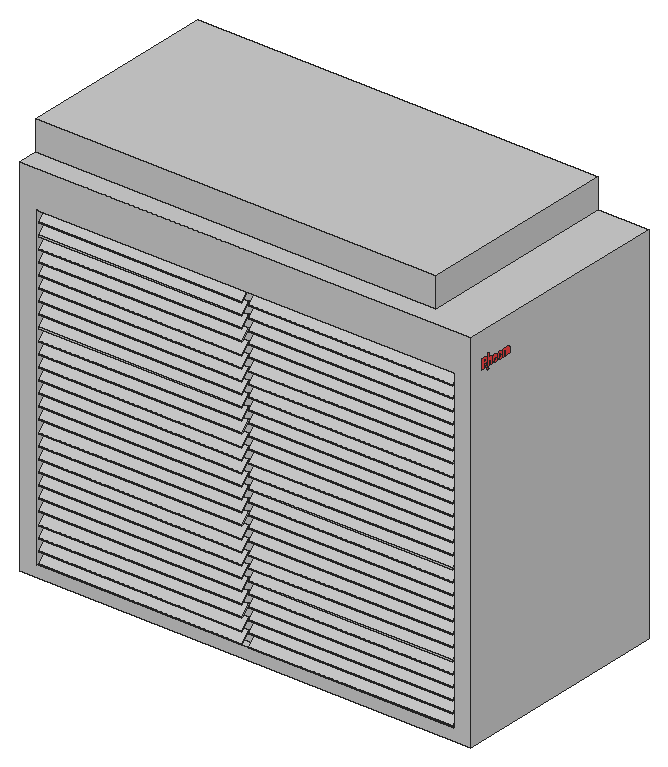
Revit family "DC_Rheem_PLM_HeatPump_952022_Vertical_12", category Plumbing Fixtures, Revit 2011
Parameters (values of type "Commerical Heat Pump - Ducted")
  Unitheight_ANZRS = 935 mm
  UnitWidth_ANZRS = 565 mm
  UnitDepth_ANZRS [instance] = 1150 mm
  URL = "http://www.rheem.com.au/commercial_product.asp?ProdID=96&cat_id=2\r\n"
  Type Comments = "Output 16 KW @ 20oC/60% RH Recovery 300 L/h  @ 45°C  rise\r\n"
  Materials_ANZRS = Rheem - Joey Grey Steel
  OutletPipeDiameter_ANZRS = OutPipeRadius_ANZRS * 2  # 32 mm
  OutPipeRadius_ANZRS = 16 mm
  Model = "952022\r\n"
  Manufacturer = "Rheem\r\n"
  InletPipeDiameter_ANZRS = InPipeRadius_ANZRS * 2  # 32 mm
  InPipeRadius_ANZRS = 16 mm
  DesignBy_ANZRS = "Design Content ©\r\n"
  Description = "Commerical Heat Pump - Ducted \r\n"
  CondensateDrainPipeDiameter_ANZRS = CDPipeRadius_ANZRS * 2  # 20 mm
  CDPipeRadius_ANZRS = 10 mm
  Author_ANZRS = "DM"
  Assembly Code = ""
Reference planes
  plane 1 "Center (Front/Back)": y = 0
  plane 2: z = 0
  plane 3 "Center (Left/Right)": x = 0
  plane 4 "W1": y = 282.5
  plane 5 "W2": y = -282.5
  plane 6 "W4": x = -575
  plane 7 "W3": x = 575
  plane 8 "CENTER 1": x = -320
  plane 9 "CENTER 2": x = 180
  plane 10: z = 25
  plane 11 "HEIGHT": z = 960
  plane 12 "W11": y = 212.65
  plane 13 "W13": y = 147.65
  plane 14 "W15": y = -212.65
  plane 15 "W14": y = -147.65
  plane 16 "CD1": z = 225
  plane 17 "CD2": z = 555
  plane 18 "CENTER 3": y = -167.65
  plane 19 "w5": x = -545
  plane 20 "W7": x = 545
  plane 21 "H1": z = 53.419
  plane 22 "CENTER 5": y = 180.15
  plane 23 "CENTER 4": y = -180.15
  plane 24: y = -260.438
  plane 25 "W6": x = -527.091
  plane 26 "W9": x = 527.091
  plane 27 "W8": x = 532.091
  plane 28: x = -625
  plane 29: y = 174.5
  plane 30 "Fans": z = 1035
Forms (mm)
  Extrusion 1, solid, material "Rheem - Joey Grey Steel" <- "Materials_ANZRS"
    sketch origin (0, 0, 0) x (1, 0, 0) y (0, 1, 0)
      loop
        line (-575, 282.5) -> (-575, -260.438) -> (575, -260.438) -> (575, 282.5) -> (-575, 282.5)
    from 25 to 960
  Extrusion 2, solid, material "Rheem - Joey Grey Steel" <- "Materials_ANZRS"
    sketch origin (0, 0, 0) x (0, 1, 0) y (0, 0, 1)
      loop
        circle (-167.65, 555) r 16
      loop
        circle (-167.65, 225) r 16
    from -575 to -625
  Extrusion 3, solid, material "Rheem - Joey Grey Steel" <- "Materials_ANZRS"
    sketch origin (0, 0, 0) x (0, 1, 0) y (0, 0, 1)
      loop
        line (212.65, 0) -> (212.65, 25) -> (147.65, 25) -> (147.65, 0) -> (212.65, 0)
      loop
        line (-147.65, 0) -> (-147.65, 25) -> (-212.65, 25) -> (-212.65, 0) -> (-147.65, 0)
    from -545 to 545
  Extrusion 4, solid, material "Rheem - Joey Grey Steel" <- "Materials_ANZRS"
    sketch origin (0, 0, 0) x (0, 1, 0) y (0, 0, 1)
      loop
        circle (180.15, 53.419) r 10
      loop
        circle (-180.15, 53.419) r 10
    from -575 to -625
  Extrusion 5, solid, material "Rheem - Joey Grey Steel" <- "Materials_ANZRS"
    sketch origin (0, 0, 0) x (0, 1, 0) y (0, 0, 1)
      loop
        line (-260.438, 860.039) -> (-282.5, 837.978) -> (-282.5, 835.579) -> (-260.438, 857.64) -> (-260.438, 860.039)
      loop
        line (-260.438, 830.039) -> (-282.5, 807.978) -> (-282.5, 805.579) -> (-260.438, 827.64) -> (-260.438, 830.039)
      loop
        line (-260.438, 800.039) -> (-282.5, 777.978) -> (-282.5, 775.579) -> (-260.438, 797.64) -> (-260.438, 800.039)
      loop
        line (-260.438, 770.039) -> (-282.5, 747.978) -> (-282.5, 745.579) -> (-260.438, 767.64) -> (-260.438, 770.039)
      loop
        line (-260.438, 740.039) -> (-282.5, 717.978) -> (-282.5, 715.579) -> (-260.438, 737.64) -> (-260.438, 740.039)
      loop
        line (-260.438, 710.039) -> (-282.5, 687.978) -> (-282.5, 685.579) -> (-260.438, 707.64) -> (-260.438, 710.039)
      loop
        line (-260.438, 680.039) -> (-282.5, 657.978) -> (-282.5, 655.579) -> (-260.438, 677.64) -> (-260.438, 680.039)
      loop
        line (-260.438, 650.039) -> (-282.5, 627.978) -> (-282.5, 625.579) -> (-260.438, 647.64) -> (-260.438, 650.039)
      loop
        line (-260.438, 620.039) -> (-282.5, 597.978) -> (-282.5, 595.579) -> (-260.438, 617.64) -> (-260.438, 620.039)
      loop
        line (-260.438, 590.039) -> (-282.5, 567.978) -> (-282.5, 565.579) -> (-260.438, 587.64) -> (-260.438, 590.039)
      loop
        line (-260.438, 560.039) -> (-282.5, 537.978) -> (-282.5, 535.579) -> (-260.438, 557.64) -> (-260.438, 560.039)
      loop
        line (-260.438, 530.039) -> (-282.5, 507.978) -> (-282.5, 505.579) -> (-260.438, 527.64) -> (-260.438, 530.039)
      loop
        line (-260.438, 500.039) -> (-282.5, 477.978) -> (-282.5, 475.579) -> (-260.438, 497.64) -> (-260.438, 500.039)
      loop
        line (-260.438, 470.039) -> (-282.5, 447.978) -> (-282.5, 445.579) -> (-260.438, 467.64) -> (-260.438, 470.039)
      loop
        line (-260.438, 440.039) -> (-282.5, 417.978) -> (-282.5, 415.579) -> (-260.438, 437.64) -> (-260.438, 440.039)
      loop
        line (-260.438, 410.039) -> (-282.5, 387.978) -> (-282.5, 385.579) -> (-260.438, 407.64) -> (-260.438, 410.039)
      loop
        line (-260.438, 380.039) -> (-282.5, 357.978) -> (-282.5, 355.579) -> (-260.438, 377.64) -> (-260.438, 380.039)
      loop
        line (-260.438, 350.039) -> (-282.5, 327.978) -> (-282.5, 325.579) -> (-260.438, 347.64) -> (-260.438, 350.039)
      loop
        line (-260.438, 320.039) -> (-282.5, 297.978) -> (-282.5, 295.579) -> (-260.438, 317.64) -> (-260.438, 320.039)
      loop
        line (-260.438, 290.039) -> (-282.5, 267.978) -> (-282.5, 265.579) -> (-260.438, 287.64) -> (-260.438, 290.039)
      loop
        line (-260.438, 260.039) -> (-282.5, 237.978) -> (-282.5, 235.579) -> (-260.438, 257.64) -> (-260.438, 260.039)
      loop
        line (-260.438, 230.039) -> (-282.5, 207.978) -> (-282.5, 205.579) -> (-260.438, 227.64) -> (-260.438, 230.039)
      loop
        line (-260.438, 200.039) -> (-282.5, 177.978) -> (-282.5, 175.579) -> (-260.438, 197.64) -> (-260.438, 200.039)
      loop
        line (-260.438, 170.039) -> (-282.5, 147.978) -> (-282.5, 145.579) -> (-260.438, 167.64) -> (-260.438, 170.039)
      loop
        line (-260.438, 140.039) -> (-282.5, 117.978) -> (-282.5, 115.579) -> (-260.438, 137.64) -> (-260.438, 140.039)
      loop
        line (-260.438, 110.039) -> (-282.5, 87.978) -> (-282.5, 85.579) -> (-260.438, 107.64) -> (-260.438, 110.039)
      loop
        line (-260.438, 80.039) -> (-282.5, 57.978) -> (-282.5, 55.579) -> (-260.438, 77.64) -> (-260.438, 80.039)
    from -527.091 to -9.296
  Extrusion 6, solid, material "Rheem - Joey Grey Steel" <- "Materials_ANZRS"
    sketch origin (0, 0, 0) x (1, 0, 0) y (0, 0, 1)
      loop
        line (-575, 960) -> (-575, 25) -> (-14.281, 25) -> (575, 25) -> (575, 960) -> (-575, 960)
      loop
        line (-532.091, 53.419) -> (532.091, 53.419) -> (532.091, 865.039) -> (-532.091, 865.039) -> (-532.091, 53.419)
    from 260.438 to 282.5
  Extrusion 7, solid, material "Rheem - Joey Grey Steel" <- "Materials_ANZRS"
    sketch origin (0, 0, 0) x (0, 1, 0) y (0, 0, -1)
      loop
        line (-260.438, -860.039) -> (-260.438, -857.64) -> (-282.5, -835.579) -> (-282.5, -837.978) -> (-260.438, -860.039)
      loop
        line (-260.438, -830.039) -> (-260.438, -827.64) -> (-282.5, -805.579) -> (-282.5, -807.978) -> (-260.438, -830.039)
      loop
        line (-260.438, -800.039) -> (-260.438, -797.64) -> (-282.5, -775.579) -> (-282.5, -777.978) -> (-260.438, -800.039)
      loop
        line (-260.438, -770.039) -> (-260.438, -767.64) -> (-282.5, -745.579) -> (-282.5, -747.978) -> (-260.438, -770.039)
      loop
        line (-260.438, -740.039) -> (-260.438, -737.64) -> (-282.5, -715.579) -> (-282.5, -717.978) -> (-260.438, -740.039)
      loop
        line (-260.438, -710.039) -> (-260.438, -707.64) -> (-282.5, -685.579) -> (-282.5, -687.978) -> (-260.438, -710.039)
      loop
        line (-260.438, -680.039) -> (-260.438, -677.64) -> (-282.5, -655.579) -> (-282.5, -657.978) -> (-260.438, -680.039)
      loop
        line (-260.438, -650.039) -> (-260.438, -647.64) -> (-282.5, -625.579) -> (-282.5, -627.978) -> (-260.438, -650.039)
      loop
        line (-260.438, -620.039) -> (-260.438, -617.64) -> (-282.5, -595.579) -> (-282.5, -597.978) -> (-260.438, -620.039)
      loop
        line (-260.438, -590.039) -> (-260.438, -587.64) -> (-282.5, -565.579) -> (-282.5, -567.978) -> (-260.438, -590.039)
      loop
        line (-260.438, -560.039) -> (-260.438, -557.64) -> (-282.5, -535.579) -> (-282.5, -537.978) -> (-260.438, -560.039)
      loop
        line (-260.438, -530.039) -> (-260.438, -527.64) -> (-282.5, -505.579) -> (-282.5, -507.978) -> (-260.438, -530.039)
      loop
        line (-260.438, -500.039) -> (-260.438, -497.64) -> (-282.5, -475.579) -> (-282.5, -477.978) -> (-260.438, -500.039)
      loop
        line (-260.438, -470.039) -> (-260.438, -467.64) -> (-282.5, -445.579) -> (-282.5, -447.978) -> (-260.438, -470.039)
      loop
        line (-260.438, -440.039) -> (-260.438, -437.64) -> (-282.5, -415.579) -> (-282.5, -417.978) -> (-260.438, -440.039)
      loop
        line (-260.438, -410.039) -> (-260.438, -407.64) -> (-282.5, -385.579) -> (-282.5, -387.978) -> (-260.438, -410.039)
      loop
        line (-260.438, -380.039) -> (-260.438, -377.64) -> (-282.5, -355.579) -> (-282.5, -357.978) -> (-260.438, -380.039)
      loop
        line (-260.438, -350.039) -> (-260.438, -347.64) -> (-282.5, -325.579) -> (-282.5, -327.978) -> (-260.438, -350.039)
      loop
        line (-260.438, -320.039) -> (-260.438, -317.64) -> (-282.5, -295.579) -> (-282.5, -297.978) -> (-260.438, -320.039)
      loop
        line (-260.438, -290.039) -> (-260.438, -287.64) -> (-282.5, -265.579) -> (-282.5, -267.978) -> (-260.438, -290.039)
      loop
        line (-260.438, -260.039) -> (-260.438, -257.64) -> (-282.5, -235.579) -> (-282.5, -237.978) -> (-260.438, -260.039)
      loop
        line (-260.438, -230.039) -> (-260.438, -227.64) -> (-282.5, -205.579) -> (-282.5, -207.978) -> (-260.438, -230.039)
      loop
        line (-260.438, -200.039) -> (-260.438, -197.64) -> (-282.5, -175.579) -> (-282.5, -177.978) -> (-260.438, -200.039)
      loop
        line (-260.438, -170.039) -> (-260.438, -167.64) -> (-282.5, -145.579) -> (-282.5, -147.978) -> (-260.438, -170.039)
      loop
        line (-260.438, -140.039) -> (-260.438, -137.64) -> (-282.5, -115.579) -> (-282.5, -117.978) -> (-260.438, -140.039)
      loop
        line (-260.438, -110.039) -> (-260.438, -107.64) -> (-282.5, -85.579) -> (-282.5, -87.978) -> (-260.438, -110.039)
      loop
        line (-260.438, -80.039) -> (-260.438, -77.64) -> (-282.5, -55.579) -> (-282.5, -57.978) -> (-260.438, -80.039)
    from -527.091 to -9.296
  Extrusion 8, solid, material "Rheem - Joey Grey Steel" <- "Materials_ANZRS"
    sketch origin (575, 0, 960) x (0, 0, -1) y (0, 1, 0)
      loop
        circle (286.023, 174.5) r 0.5
    from 0 to -1
  Extrusion 9, solid, material "Rheem - Joey Grey Steel" <- "Materials_ANZRS"
    sketch origin (575, 0, 960) x (0, 0, -1) y (0, 1, 0)
      loop
        circle (336.023, 174.5) r 0.5
    from 0 to -1
  Extrusion 10, solid, material "Rheem - Joey Grey Steel" <- "Materials_ANZRS"
    sketch origin (575, 0, 960) x (0, 0, -1) y (0, 1, 0)
      loop
        circle (311.023, 174.5) r 0.5
    from 0 to -1
  Extrusion 11, solid, material "Rheem - Joey Grey Steel" <- "Materials_ANZRS"
    sketch origin (575, 0, 960) x (0, 0, -1) y (0, 1, 0)
      loop
        circle (361.023, 174.5) r 0.5
    from 0 to -1
  Extrusion 12, solid, material "Rheem - Joey Grey Steel" <- "Materials_ANZRS"
    sketch origin (0, 0, 960) x (-1, 0, 0) y (0, -1, 0)
      loop
        line (575, -282.5) -> (575, 232.5) -> (-445, 232.5) -> (-445, -282.5) -> (575, -282.5)
    from 0 to 75
Cuts and joins
  joined: Extrusion 1, Extrusion 6
Lines and regions (mm)
  Masking region 1
    outline origin (0, 0, 0) x (1, 0, 0) y (0, 1, 0)
      loop
        line (575, 282.5) -> (-575, 282.5) -> (-575, -282.5) -> (575, -282.5) -> (575, 282.5)
  Masking region 2
    outline origin (0, 0, 0) x (1, 0, 0) y (0, 0, 1)
      loop
        line (-575, 960) -> (-575, 25) -> (-545, 25) -> (-545, 0) -> (545, 0) -> (545, 25) -> (575, 25) -> (575, 960) -> (-575, 960)
  Masking region 3
    outline origin (0, 0, 0) x (0, 1, 0) y (0, 0, 1)
      loop
        line (282.5, 25) -> (282.5, 960) -> (-282.5, 960) -> (-282.5, 25) -> (-212.65, 25) -> (-212.65, 0) -> (-147.65, 0) -> (-147.65, 25) -> (147.65, 25) -> (147.65, 0) -> (212.65, 0) -> (212.65, 25) -> (282.5, 25)
  Masking region 4
    outline origin (0, 0, 0) x (1, 0, 0) y (0, 1, 0)
      loop
        line (-575, 282.5) -> (-575, -282.5) -> (575, -282.5) -> (575, 282.5) -> (-575, 282.5)
  symbolic lines, style "Rheem - Heat Pump", detail levels fine
    curve 1: line (575, 282.5, 0) -> (-575, 282.5, 0)
    curve 2: line (-575, 282.5, 0) -> (-575, -282.5, 0)
    curve 3: line (-575, -282.5, 0) -> (575, -282.5, 0)
    curve 4: line (575, -282.5, 0) -> (575, 282.5, 0)
    curve 5: line (-625, 190.15, 0) -> (-625, 170.15, 0)
    curve 6: line (-625, 170.15, 0) -> (-575, 170.15, 0)
    curve 7: line (-625, 190.15, 0) -> (-575, 190.15, 0)
    curve 8: line (-625, -147.65, 0) -> (-625, -180.15, 0)
    curve 9: line (-625, -180.15, 0) -> (-575, -180.15, 0)
    curve 10: line (-625, -147.65, 0) -> (-575, -147.65, 0)
    curve 11: line (-575, 0, 960) -> (-575, 0, 25)
    curve 12: line (575, 0, 960) -> (-575, 0, 960)
    curve 13: line (575, 0, 25) -> (575, 0, 960)
    curve 14: line (-575, 0, 25) -> (575, 0, 25)
    curve 15: line (-545, 0, 0) -> (545, 0, 0)
    curve 16: line (545, 0, 0) -> (545, 0, 25)
    curve 17: line (-545, 0, 25) -> (-545, 0, 0)
    curve 18: line (-625, 0, 63.419) -> (-625, 0, 43.419)
    curve 19: line (-625, 0, 571) -> (-625, 0, 538.877)
    curve 20: line (-625, 0, 241) -> (-625, 0, 209)
    curve 21: line (-625, 0, 571) -> (-575, 0, 571)
    curve 22: line (-625, 0, 538.877) -> (-575, 0, 538.877)
    curve 23: line (-625, 0, 241) -> (-575, 0, 241)
    curve 24: line (-625, 0, 209) -> (-575, 0, 209)
    curve 25: line (-625, 0, 63.419) -> (-575, 0, 63.419)
    curve 26: line (-625, 0, 43.419) -> (-575, 0, 43.419)
    curve 27: arc (-489.599, 0, 978.205) -> (-435.138, 0, 989.464) -> (-379.529, 0, 990.147) r 290.723
    curve 28: arc (-380.05, 0, 1028.047) -> (-461.829, 0, 1039.388) -> (-543, 0, 1024.299) r 257.845
    curve 29: line (-543, 0, 1024.299) -> (-543, 0, 989.574)
    curve 30: arc (-543, 0, 989.574) -> (-517.109, 0, 980.087) -> (-489.599, 0, 978.205) r 97.782
    curve 31: line (-97, 0, 989.574) -> (-97, 0, 1024.299)
    curve 32: line (-97, 0, 1024.299) -> (-145.8, 0, 1036.595)
    curve 33: arc (-150.401, 0, 978.205) -> (-204.603, 0, 989.436) -> (-259.95, 0, 990.19) r 290.723
    curve 34: arc (-259.95, 0, 1028.047) -> (-178.171, 0, 1039.388) -> (-97, 0, 1024.299) r 257.845
    curve 35: arc (10.401, 0, 978.205) -> (64.603, 0, 989.436) -> (119.95, 0, 990.19) r 290.723
    curve 36: arc (119.95, 0, 1028.047) -> (38.171, 0, 1039.388) -> (-43, 0, 1024.299) r 257.845
    curve 37: line (-43, 0, 1024.299) -> (-43, 0, 989.574)
    curve 38: arc (-43, 0, 989.574) -> (-17.109, 0, 980.087) -> (10.401, 0, 978.205) r 97.782
    curve 39: line (403, 0, 989.574) -> (403, 0, 1024.299)
    curve 40: line (403, 0, 1024.299) -> (354.2, 0, 1036.595)
    curve 41: arc (349.599, 0, 978.205) -> (295.397, 0, 989.436) -> (240.05, 0, 990.19) r 290.723
    curve 42: arc (240.05, 0, 1028.047) -> (321.829, 0, 1039.388) -> (403, 0, 1024.299) r 257.845
    curve 43: line (-371.22, 0, 1039.299) -> (-268.78, 0, 1039.299)
    curve 44: line (-259.95, 0, 1030.469) -> (-380.05, 0, 1030.469)
    curve 45: line (-259.95, 0, 984.299) -> (-380.05, 0, 984.299)
    curve 46: line (-371.22, 0, 975.469) -> (-268.78, 0, 975.469)
    curve 47: line (128.78, 0, 1039.299) -> (231.22, 0, 1039.299)
    curve 48: line (240.05, 0, 1030.469) -> (119.95, 0, 1030.469)
    curve 49: line (240.05, 0, 984.299) -> (119.95, 0, 984.299)
    curve 50: line (128.78, 0, 975.469) -> (231.22, 0, 975.469)
    curve 51: line (119.95, 0, 1030.469) -> (128.78, 0, 1039.299)
    curve 52: line (119.95, 0, 984.299) -> (128.78, 0, 975.469)
    curve 53: line (231.22, 0, 975.469) -> (240.05, 0, 984.299)
    curve 54: line (240.05, 0, 1030.469) -> (231.22, 0, 1039.299)
    curve 55: line (-380.05, 0, 1030.469) -> (-371.22, 0, 1039.299)
    curve 56: line (-268.78, 0, 1039.299) -> (-259.95, 0, 1030.469)
    curve 57: line (-259.95, 0, 984.299) -> (-268.78, 0, 975.469)
    curve 58: line (-371.22, 0, 975.469) -> (-380.05, 0, 984.299)
    curve 59: line (-380.05, 0, 984.299) -> (-380.05, 0, 1030.469)
    curve 60: line (-259.95, 0, 1030.469) -> (-259.95, 0, 984.299)
    curve 61: line (119.95, 0, 1030.469) -> (119.95, 0, 984.299)
    curve 62: line (240.05, 0, 1030.469) -> (240.05, 0, 984.299)
    curve 63: line (0, 282.5, 25) -> (0, 282.5, 960)
    curve 64: line (0, 282.5, 960) -> (0, -282.5, 960)
    curve 65: line (0, -282.5, 960) -> (0, -282.5, 25)
    curve 66: line (0, -282.5, 25) -> (0, 282.5, 25)
    curve 67: line (0, 212.65, 0) -> (0, 212.65, 25)
    curve 68: line (0, 147.65, 0) -> (0, 212.65, 0)
    curve 69: line (0, 147.65, 25) -> (0, 147.65, 0)
    curve 70: line (0, -147.65, 0) -> (0, -147.65, 25)
    curve 71: line (0, -212.65, 0) -> (0, -147.65, 0)
    curve 72: line (0, -212.65, 25) -> (0, -212.65, 0)
    curve 73: arc (0, -170.15, 53.419) -> (0, -180.15, 43.419) -> (0, -190.15, 53.419) r 10
    curve 74: arc (0, -190.15, 53.419) -> (0, -180.15, 63.419) -> (0, -170.15, 53.419) r 10
    curve 75: arc (0, 190.15, 53.419) -> (0, 180.15, 43.419) -> (0, 170.15, 53.419) r 10
    curve 76: arc (0, 170.15, 53.419) -> (0, 180.15, 63.419) -> (0, 190.15, 53.419) r 10
    curve 77: arc (0, -151.65, 225) -> (0, -167.65, 209) -> (0, -183.65, 225) r 16
    curve 78: arc (0, -183.65, 225) -> (0, -167.65, 241) -> (0, -151.65, 225) r 16
    curve 79: arc (0, -151.65, 555) -> (0, -167.65, 539) -> (0, -183.65, 555) r 16
    curve 80: arc (0, -183.65, 555) -> (0, -167.65, 571) -> (0, -151.65, 555) r 16
    curve 99: arc (-97, 0, 989.574) -> (-122.891, 0, 980.087) -> (-150.401, 0, 978.205) r 97.782
    curve 100: arc (403, 0, 989.574) -> (377.109, 0, 980.087) -> (349.599, 0, 978.205) r 97.782
  symbolic lines, style "Rheem - Heat Pump", detail levels medium+fine
    curve 81: arc (0, 169.689, 966.982) -> (0, 115.451, 978.217) -> (0, 60.067, 978.962) r 290.723
    curve 82: arc (0, 60.067, 1016.802) -> (0, 141.881, 1028.166) -> (0, 223.091, 1013.077) r 257.845
    curve 83: line (0, 223.091, 1013.077) -> (0, 223.091, 978.351)
    curve 84: arc (0, 223.091, 978.351) -> (0, 197.2, 968.864) -> (0, 169.689, 966.982) r 97.782
    curve 85: line (0, -222.909, 978.254) -> (0, -222.909, 1013.077)
    curve 86: arc (0, -169.45, 967) -> (0, -115.372, 978.206) -> (0, -60.15, 978.983) r 290.723
    curve 87: arc (0, -60.15, 1016.883) -> (0, -141.838, 1028.163) -> (0, -222.909, 1013.077) r 257.845
    curve 88: line (0, -51.31, 1028.077) -> (0, 51.31, 1028.077)
    curve 89: line (0, -51.301, 964.246) -> (0, 51.31, 964.246)
    curve 90: line (0, 51.31, 964.246) -> (0, 60.067, 973.003)
    curve 91: line (0, 60.16, 973.096) -> (0, -60.15, 973.096)
    curve 92: line (0, -51.301, 964.246) -> (0, -60.15, 973.096)
    curve 93: line (0, -60.15, 973.096) -> (0, -60.15, 1019.237)
    curve 94: line (0, -60.15, 1019.237) -> (0, -51.31, 1028.077)
    curve 95: line (0, 51.31, 1028.077) -> (0, 60.067, 1019.32)
    curve 96: line (0, 60.067, 1019.32) -> (0, 60.067, 973.003)
    curve 97: line (0, -60.15, 1019.237) -> (0, 60.067, 1019.237)
    curve 98: arc (0, -222.909, 978.254) -> (0, -196.982, 968.818) -> (0, -169.45, 967) r 97.782
  model lines, style "Rheem - Heat Pump", detail levels medium+fine
    curve 101: circle (-320, 25, 1035) r 244 normal (0, 0, 1)
    curve 102: line (-368.8, -30.701, 1035) -> (-368.8, -149.2, 1035)
    curve 103: arc (-368.8, -149.2, 1035) -> (-354.507, -183.707, 1035) -> (-320, -198, 1035) r 48.8
    curve 104: line (-320, -198, 1035) -> (-271.2, -198, 1035)
    curve 105: line (-271.2, -198, 1035) -> (-271.2, -30.701, 1035)
    curve 106: line (-375.701, -23.8, 1035) -> (-543, -23.8, 1035)
    curve 107: line (-543, -23.8, 1035) -> (-543, 25, 1035)
    curve 108: arc (-543, 25, 1035) -> (-528.707, 59.507, 1035) -> (-494.2, 73.8, 1035) r 48.8
    curve 109: line (-494.2, 73.8, 1035) -> (-375.701, 73.8, 1035)
    curve 110: line (-368.8, 80.701, 1035) -> (-368.8, 248, 1035)
    curve 111: line (-368.8, 248, 1035) -> (-320, 248, 1035)
    curve 112: arc (-320, 248, 1035) -> (-285.493, 233.707, 1035) -> (-271.2, 199.2, 1035) r 48.8
    curve 113: line (-271.2, 199.2, 1035) -> (-271.2, 80.701, 1035)
    curve 114: line (-264.299, -23.8, 1035) -> (-145.8, -23.8, 1035)
    curve 115: arc (-145.8, -23.8, 1035) -> (-111.293, -9.507, 1035) -> (-97, 25, 1035) r 48.8
    curve 116: line (-97, 25, 1035) -> (-97, 73.8, 1035)
    curve 117: line (-97, 73.8, 1035) -> (-264.299, 73.8, 1035)
    curve 118: circle (-320, 25, 1035) r 206 normal (0, 0, 1)
    curve 119: circle (-320, 25, 1035) r 168 normal (0, 0, 1)
    curve 120: circle (-320, 25, 1035) r 130 normal (0, 0, 1)
    curve 121: circle (-320, 25, 1035) r 92 normal (0, 0, 1)
    curve 122: circle (-320, 25, 1035) r 54 normal (0, 0, 1)
    curve 123: circle (-504.286, 209.286, 1035) r 4.88 normal (0, 0, 1)
    curve 124: circle (-135.714, 209.286, 1035) r 4.88 normal (0, 0, 1)
    curve 125: line (-278.522, 59.577, 1035) -> (-132.263, 205.835, 1035)
    curve 126: line (-285.423, 66.478, 1035) -> (-139.165, 212.737, 1035)
    curve 127: line (-354.577, 66.478, 1035) -> (-500.835, 212.737, 1035)
    curve 128: line (-361.478, 59.577, 1035) -> (-507.737, 205.835, 1035)
    curve 129: line (-354.577, -16.478, 1035) -> (-500.835, -162.737, 1035)
    curve 130: line (-361.478, -9.577, 1035) -> (-507.737, -155.835, 1035)
    curve 131: circle (-504.286, -159.286, 1035) r 4.88 normal (0, 0, 1)
    curve 132: line (-285.423, -16.478, 1035) -> (-139.165, -162.737, 1035)
    curve 133: line (-278.522, -9.577, 1035) -> (-132.263, -155.835, 1035)
    curve 134: circle (-135.714, -159.286, 1035) r 4.88 normal (0, 0, 1)
    curve 135: circle (180, 25, 1035) r 244 normal (0, 0, 1)
    curve 136: line (131.2, -30.701, 1035) -> (131.2, -149.2, 1035)
    curve 137: arc (131.2, -149.2, 1035) -> (145.493, -183.707, 1035) -> (180, -198, 1035) r 48.8
    curve 138: line (180, -198, 1035) -> (228.8, -198, 1035)
    curve 139: line (228.8, -198, 1035) -> (228.8, -30.701, 1035)
    curve 140: line (124.299, -23.8, 1035) -> (-43, -23.8, 1035)
    curve 141: line (-43, -23.8, 1035) -> (-43, 25, 1035)
    curve 142: arc (-43, 25, 1035) -> (-28.707, 59.507, 1035) -> (5.8, 73.8, 1035) r 48.8
    curve 143: line (5.8, 73.8, 1035) -> (124.299, 73.8, 1035)
    curve 144: line (131.2, 80.701, 1035) -> (131.2, 248, 1035)
    curve 145: line (131.2, 248, 1035) -> (180, 248, 1035)
    curve 146: arc (180, 248, 1035) -> (214.507, 233.707, 1035) -> (228.8, 199.2, 1035) r 48.8
    curve 147: line (228.8, 199.2, 1035) -> (228.8, 80.701, 1035)
    curve 148: line (235.701, -23.8, 1035) -> (354.2, -23.8, 1035)
    curve 149: arc (354.2, -23.8, 1035) -> (388.707, -9.507, 1035) -> (403, 25, 1035) r 48.8
    curve 150: line (403, 25, 1035) -> (403, 73.8, 1035)
    curve 151: line (403, 73.8, 1035) -> (235.701, 73.8, 1035)
    curve 152: circle (180, 25, 1035) r 206 normal (0, 0, 1)
    curve 153: circle (180, 25, 1035) r 168 normal (0, 0, 1)
    curve 154: circle (180, 25, 1035) r 130 normal (0, 0, 1)
    curve 155: circle (180, 25, 1035) r 92 normal (0, 0, 1)
    curve 156: circle (180, 25, 1035) r 54 normal (0, 0, 1)
    curve 157: circle (-4.286, 209.286, 1035) r 4.88 normal (0, 0, 1)
    curve 158: circle (364.286, 209.286, 1035) r 4.88 normal (0, 0, 1)
    curve 159: line (221.478, 59.577, 1035) -> (367.737, 205.835, 1035)
    curve 160: line (214.577, 66.478, 1035) -> (360.835, 212.737, 1035)
    curve 161: line (145.423, 66.478, 1035) -> (-0.835, 212.737, 1035)
    curve 162: line (138.522, 59.577, 1035) -> (-7.737, 205.835, 1035)
    curve 163: line (145.423, -16.478, 1035) -> (-0.835, -162.737, 1035)
    curve 164: line (138.522, -9.577, 1035) -> (-7.737, -155.835, 1035)
    curve 165: circle (-4.286, -159.286, 1035) r 4.88 normal (0, 0, 1)
    curve 166: line (214.577, -16.478, 1035) -> (360.835, -162.737, 1035)
    curve 167: line (221.478, -9.577, 1035) -> (367.737, -155.835, 1035)
    curve 168: circle (364.286, -159.286, 1035) r 4.88 normal (0, 0, 1)
Dimensions and locks
  equal spacing: plane 6 "W4", plane 3 "Center (Left/Right)", plane 7 "W3"
  equal spacing: plane 4 "W1", plane 1 "Center (Front/Back)", plane 5 "W2"
  "UnitWidth_ANZRS": plane 4 "W1" to plane 5 "W2"
  "UnitDepth_ANZRS": plane 6 "W4" to plane 7 "W3"
  plane 6 "W4" to plane 8 "CENTER 1" = 255 mm
  plane 9 "CENTER 2" to plane 7 "W3" = 395 mm
  plane 8 "CENTER 1" to plane 9 "CENTER 2" = 500 mm
  "Unitheight_ANZRS": plane 11 "HEIGHT" to plane 10
  plane 10 to level = 25 mm
  plane 12 "W11" to plane 13 "W13" = 65 mm
  plane 15 "W14" to plane 14 "W15" = 65 mm
  plane 16 "CD1" to plane 10 = 200 mm
  plane 17 "CD2" to plane 10 = 530 mm
  locked: plane 19 "w5" to plane 6 "W4" at 30
  locked: plane 7 "W3" to plane 20 "W7" at 30
  plane 28 to plane 19 "w5" = 80 mm
  plane 21 "H1" to level = 53.419 mm
  cut or joined group of Extrusion 1, Extrusion 6 to Extrusion 12 sketch curve = 1020 mm
  plane 4 "W1" to Extrusion 12 sketch curve = 515 mm
  plane 30 "Fans" to plane 11 "HEIGHT" = 75 mm  (x2)
  plane 30 "Fans" to level = 1035 mm
  "OutPipeRadius_ANZRS": radius of Extrusion 2 sketch curve
  "InPipeRadius_ANZRS": radius of Extrusion 2 sketch curve
  "CDPipeRadius_ANZRS": radius of Extrusion 4 sketch curve  (x2)
  aligned and locked: level to plane 2
  aligned and locked: Extrusion 1 sketch curve to plane 4 "W1"
  aligned and locked: Extrusion 1 sketch curve to plane 6 "W4"
  aligned and locked: Extrusion 1 sketch curve to plane 7 "W3"
  aligned and locked: plane 11 "HEIGHT" to Extrusion 1
  aligned and locked: Extrusion 1 to plane 10
  aligned and locked: plane 17 "CD2" to Extrusion 2 sketch curve
  aligned and locked: plane 18 "CENTER 3" to Extrusion 2 sketch curve  (x2)
  aligned and locked: plane 16 "CD1" to Extrusion 2 sketch curve
  aligned: Extrusion 2 to plane 7 "W3"
  aligned and locked: level to Extrusion 3 sketch curve  (x2)
  aligned and locked: plane 12 "W11" to Extrusion 3 sketch curve
  aligned and locked: Extrusion 3 sketch curve to plane 10  (x2)
  aligned and locked: Extrusion 3 sketch curve to plane 13 "W13"
  aligned and locked: Extrusion 3 sketch curve to plane 15 "W14"
  aligned and locked: plane 14 "W15" to Extrusion 3 sketch curve
  aligned and locked: Extrusion 3 to plane 19 "w5"
  aligned and locked: Extrusion 3 to plane 20 "W7"
  aligned and locked: plane 22 "CENTER 5" to Extrusion 4 sketch curve
  aligned and locked: plane 21 "H1" to Extrusion 4 sketch curve  (x2)
  aligned and locked: plane 23 "CENTER 4" to Extrusion 4 sketch curve
  aligned and locked: Extrusion 4 to Extrusion 2
  aligned: Extrusion 4 to plane 7 "W3"
  aligned and locked: plane 5 "W2" to Extrusion 6
  aligned and locked: plane 26 "W9" to Extrusion 7
  aligned and locked: Extrusion 6 to plane 27 "W8"
  aligned and locked: Extrusion 6 sketch curve to plane 21 "H1"
  aligned and locked: Extrusion 2 to plane 6 "W4"
  aligned and locked: plane 28 to Extrusion 2
  aligned and locked: Extrusion 4 to plane 6 "W4"
  aligned and locked: plane 28 to Extrusion 4
  aligned and locked: curve 1 to cut or joined group of Extrusion 1, Extrusion 6
  aligned and locked: curve 2 to cut or joined group of Extrusion 1, Extrusion 6
  aligned and locked: curve 3 to cut or joined group of Extrusion 1, Extrusion 6
  aligned and locked: curve 4 to cut or joined group of Extrusion 1, Extrusion 6
  aligned and locked: curve 11 to cut or joined group of Extrusion 1, Extrusion 6
  aligned and locked: curve 12 to cut or joined group of Extrusion 1, Extrusion 6
  aligned and locked: curve 13 to cut or joined group of Extrusion 1, Extrusion 6
  aligned and locked: curve 14 to cut or joined group of Extrusion 1, Extrusion 6
  aligned and locked: curve 18 to Extrusion 4
  aligned and locked: curve 19 to Extrusion 2
  aligned and locked: Masking region 1 sketch curve to curve 1
  aligned and locked: Masking region 1 sketch curve to curve 4
  aligned and locked: Masking region 1 sketch curve to curve 3
  aligned and locked: Masking region 1 sketch curve to curve 2
  aligned and locked: Masking region 2 sketch curve to curve 12
  aligned and locked: Masking region 2 sketch curve to curve 11
  aligned and locked: Masking region 2 sketch curve to curve 14
  aligned and locked: Masking region 2 sketch curve to curve 13
  aligned and locked: Masking region 2 sketch curve to curve 15
  aligned and locked: Masking region 2 sketch curve to curve 17
  aligned and locked: Masking region 2 sketch curve to curve 16
  aligned and locked: curve 63 to cut or joined group of Extrusion 1, Extrusion 6
  aligned and locked: curve 64 to cut or joined group of Extrusion 1, Extrusion 6
  aligned and locked: curve 65 to cut or joined group of Extrusion 1, Extrusion 6
  aligned and locked: curve 66 to cut or joined group of Extrusion 1, Extrusion 6
  aligned and locked: curve 73 to Extrusion 4
  aligned and locked: curve 74 to Extrusion 4
  aligned and locked: curve 75 to Extrusion 4
  aligned and locked: curve 76 to Extrusion 4
  aligned and locked: curve 77 to Extrusion 2
  aligned and locked: curve 78 to Extrusion 2
  aligned and locked: curve 79 to Extrusion 2
  aligned and locked: curve 80 to Extrusion 2
  aligned and locked: Masking region 3 sketch curve to curve 63
  aligned and locked: Masking region 3 sketch curve to curve 64
  aligned and locked: Masking region 3 sketch curve to curve 65
  aligned and locked: Masking region 3 sketch curve to curve 68
  aligned and locked: Masking region 3 sketch curve to curve 67
  aligned and locked: Masking region 3 sketch curve to curve 69
  aligned and locked: Masking region 3 sketch curve to curve 70
  aligned and locked: Masking region 3 sketch curve to curve 71
  aligned and locked: Masking region 3 sketch curve to curve 72
  aligned and locked: Masking region 3 sketch curve to curve 66
  aligned and locked: Masking region 4 sketch curve to curve 1
  aligned and locked: Masking region 4 sketch curve to curve 2
  aligned and locked: Masking region 4 sketch curve to curve 3
  aligned and locked: Masking region 4 sketch curve to curve 4
Automatic sketch dimensions
  Extrusion 1 sketch curve to plane 24 = 0 mm
  curve 66 to plane 5 "W2" = 0 mm
  curve 72 to plane 10 = 0 mm
  curve 72 to plane 14 "W15" = 0 mm
  curve 70 to level = 0 mm
  curve 70 to plane 15 "W14" = 0 mm
  curve 69 to plane 13 "W13" = 0 mm
  curve 67 to level = 0 mm
  curve 67 to plane 12 "W11" = 0 mm
  curve 66 to plane 4 "W1" = 0 mm
  curve 63 to plane 11 "HEIGHT" = 0 mm
  curve 85 to plane 14 "W15" = 10.259 mm
  curve 98 to plane 23 "CENTER 4" = 3.312 mm
  plane 18 "CENTER 3" to curve 86 = 1.8 mm
  plane 15 "W14" to curve 87 = 11.841 mm
  plane 15 "W14" to curve 86 = 63.962 mm
  plane 11 "HEIGHT" to curve 91 = 13.096 mm
  plane 1 "Center (Front/Back)" to curve 91 = 60.15 mm
  curve 93 to curve 88 = 8.84 mm
  plane 11 "HEIGHT" to curve 92 = 4.246 mm
  curve 91 to curve 92 = 8.849 mm
  curve 88 to plane 30 "Fans" = 6.923 mm
  curve 88 to plane 1 "Center (Front/Back)" = 51.31 mm
  curve 89 to plane 1 "Center (Front/Back)" = 51.31 mm
  curve 88 to curve 96 = 8.757 mm
  curve 90 to curve 91 = 0.093 mm  (x2)
  plane 13 "W13" to curve 81 = 63.78 mm
  plane 13 "W13" to curve 82 = 11.66 mm
  curve 84 to plane 29 = 4.811 mm
  plane 29 to curve 84 = 2.339 mm
  curve 83 to plane 12 "W11" = 10.44 mm
  plane 17 "CD2" to curve 81 = 134.215 mm
  plane 17 "CD2" to curve 86 = 134.215 mm
  curve 86 to curve 87 = 81.173 mm
  curve 81 to curve 82 = 81.173 mm
  plane 11 "HEIGHT" to curve 84 = 6.982 mm
  plane 11 "HEIGHT" to curve 86 = 7 mm
  curve 86 to curve 85 = 11.254 mm
  curve 81 to curve 83 = 11.369 mm
  curve 87 to plane 30 "Fans" = 21.923 mm
  curve 83 to plane 30 "Fans" = 21.923 mm
  curve 87 to curve 94 = 2.354 mm
  curve 97 to curve 95 = 0.083 mm
  plane 28 to curve 21 = 0 mm
  plane 28 to curve 20 = 0 mm
  plane 28 to curve 26 = 0 mm
  plane 6 "W4" to curve 24 = 0 mm
  curve 17 to plane 10 = 0 mm
  curve 17 to plane 19 "w5" = 0 mm
  curve 16 to level = 0 mm
  plane 20 "W7" to curve 16 = 0 mm
  curve 12 to plane 7 "W3" = 0 mm
  curve 11 to plane 11 "HEIGHT" = 0 mm
  plane 19 "w5" to curve 28 = 2 mm
  plane 25 "W6" to curve 30 = 30.343 mm
  plane 11 "HEIGHT" to curve 30 = 18.205 mm
  plane 25 "W6" to curve 30 = 37.492 mm
  plane 25 "W6" to curve 28 = 71.191 mm
  curve 27 to plane 8 "CENTER 1" = 83.779 mm
  plane 11 "HEIGHT" to curve 45 = 24.299 mm
  curve 45 to plane 8 "CENTER 1" = 60.05 mm
  curve 45 to curve 27 = 0.521 mm
  curve 45 to curve 46 = 8.83 mm
  plane 30 "Fans" to curve 55 = 4.299 mm
  curve 44 to curve 55 = 8.83 mm
  plane 11 "HEIGHT" to curve 46 = 15.469 mm
  plane 8 "CENTER 1" to curve 46 = 51.22 mm
  plane 8 "CENTER 1" to curve 56 = 51.22 mm
  curve 46 to curve 33 = 8.83 mm
  plane 8 "CENTER 1" to curve 33 = 83.779 mm
  curve 33 to curve 34 = 52.121 mm
  plane 11 "HEIGHT" to curve 33 = 18.205 mm
  curve 45 to curve 33 = 109.549 mm
  plane 30 "Fans" to curve 32 = 1.595 mm
  curve 99 to curve 32 = 4.601 mm
  curve 32 to curve 99 = 2.548 mm
  plane 11 "HEIGHT" to curve 31 = 29.574 mm
  curve 99 to curve 31 = 53.401 mm
  curve 38 to plane 3 "Center (Left/Right)" = 43 mm
  plane 3 "Center (Left/Right)" to curve 38 = 3.252 mm
  plane 3 "Center (Left/Right)" to curve 38 = 10.401 mm
  plane 3 "Center (Left/Right)" to curve 36 = 44.1 mm
  curve 35 to plane 9 "CENTER 2" = 83.779 mm
  curve 36 to plane 30 "Fans" = 6.953 mm
  curve 36 to plane 9 "CENTER 2" = 60.05 mm
  plane 30 "Fans" to curve 47 = 4.299 mm
  curve 48 to curve 47 = 8.83 mm
  curve 49 to curve 50 = 8.83 mm
  plane 11 "HEIGHT" to curve 53 = 15.469 mm
  plane 9 "CENTER 2" to curve 53 = 51.22 mm
  plane 9 "CENTER 2" to curve 54 = 51.22 mm
  curve 50 to curve 49 = 8.83 mm
  plane 9 "CENTER 2" to curve 41 = 83.779 mm
  curve 41 to curve 42 = 52.121 mm
  plane 11 "HEIGHT" to curve 100 = 18.205 mm
  curve 49 to curve 100 = 109.549 mm
  plane 30 "Fans" to curve 40 = 1.595 mm
  curve 100 to curve 40 = 4.601 mm
  curve 40 to curve 100 = 2.548 mm
  plane 11 "HEIGHT" to curve 100 = 29.574 mm
  curve 100 to curve 100 = 53.401 mm
  curve 26 to plane 21 "H1" = 10 mm
  plane 21 "H1" to curve 18 = 10 mm
  curve 24 to plane 16 "CD1" = 16 mm
  plane 16 "CD1" to curve 23 = 16 mm
  curve 22 to plane 17 "CD2" = 16.123 mm
  plane 17 "CD2" to curve 21 = 16 mm
  plane 17 "CD2" to curve 27 = 145.438 mm
  plane 17 "CD2" to curve 41 = 145.438 mm
  plane 17 "CD2" to curve 35 = 145.438 mm
  plane 17 "CD2" to curve 33 = 145.438 mm
  curve 35 to curve 36 = 81.173 mm
  curve 33 to curve 34 = 81.173 mm
  curve 41 to curve 42 = 81.173 mm
  curve 27 to curve 28 = 81.173 mm
  plane 11 "HEIGHT" to curve 38 = 18.205 mm
  curve 49 to curve 41 = 5.891 mm
  curve 37 to curve 36 = 34.725 mm
  curve 11 to curve 30 = 29.574 mm
  curve 29 to plane 30 "Fans" = 10.701 mm
  curve 34 to curve 60 = 2.422 mm
  curve 42 to curve 54 = 2.422 mm
  curve 6 to plane 28 = 0 mm
  curve 8 to plane 15 "W14" = 0 mm
  curve 8 to plane 28 = 0 mm
  plane 5 "W2" to curve 3 = 0 mm
  curve 3 to plane 6 "W4" = 0 mm
  curve 4 to plane 7 "W3" = 0 mm
  plane 23 "CENTER 4" to curve 8 = 0 mm
  curve 2 to plane 4 "W1" = 0 mm
  curve 6 to plane 29 = 4.35 mm
  plane 22 "CENTER 5" to curve 7 = 10 mm
  Extrusion 5 sketch curve to plane 5 "W2" = 0 mm  (x27)
  Extrusion 5 sketch curve to plane 24 = 0 mm  (x27)
  plane 21 "H1" to Extrusion 5 sketch curve = 2.159 mm
  Extrusion 5 sketch curve to Extrusion 5 sketch curve = 2.399 mm  (x54)
  plane 21 "H1" to Extrusion 5 sketch curve = 24.221 mm
  Extrusion 5 sketch curve to Extrusion 5 sketch curve = 5.539 mm  (x22)
  Extrusion 5 sketch curve to Extrusion 5 sketch curve = 27.601 mm  (x22)
  Extrusion 5 sketch curve to plane 16 "CD1" = 27.36 mm
  Extrusion 5 sketch curve to plane 16 "CD1" = 19.421 mm
  plane 16 "CD1" to Extrusion 5 sketch curve = 2.64 mm
  plane 16 "CD1" to Extrusion 5 sketch curve = 10.579 mm
  Extrusion 5 sketch curve to plane 17 "CD2" = 27.36 mm
  Extrusion 5 sketch curve to plane 17 "CD2" = 19.421 mm
  plane 17 "CD2" to Extrusion 5 sketch curve = 2.64 mm
  plane 17 "CD2" to Extrusion 5 sketch curve = 10.579 mm
  plane 6 "W4" to Extrusion 6 sketch curve = 0 mm
  Extrusion 6 sketch curve to plane 10 = 0 mm
  Extrusion 6 sketch curve to plane 27 "W8" = 0 mm
  Extrusion 6 sketch curve to plane 7 "W3" = 0 mm
  Extrusion 6 sketch curve to plane 11 "HEIGHT" = 0 mm
  Extrusion 6 sketch curve to plane 25 "W6" = 5 mm
  Extrusion 6 sketch curve to plane 3 "Center (Left/Right)" = 14.281 mm
  Extrusion 6 sketch curve to plane 11 "HEIGHT" = 94.961 mm
  Extrusion 7 sketch curve to plane 5 "W2" = 0 mm  (x27)
  Extrusion 7 sketch curve to plane 24 = 0 mm  (x27)
  Extrusion 7 sketch curve to plane 11 "HEIGHT" = 99.961 mm
  Extrusion 7 sketch curve to Extrusion 7 sketch curve = 2.399 mm  (x53)
  Extrusion 7 sketch curve to Extrusion 7 sketch curve = 19.662 mm
  Extrusion 7 sketch curve to Extrusion 7 sketch curve = 5.539 mm  (x24)
  Extrusion 7 sketch curve to Extrusion 7 sketch curve = 27.601 mm  (x21)
  plane 17 "CD2" to Extrusion 7 sketch curve = 12.978 mm
  plane 17 "CD2" to Extrusion 7 sketch curve = 5.039 mm
  Extrusion 7 sketch curve to plane 17 "CD2" = 17.022 mm
  plane 16 "CD1" to Extrusion 7 sketch curve = 12.978 mm
  plane 16 "CD1" to Extrusion 7 sketch curve = 5.039 mm
  Extrusion 7 sketch curve to plane 16 "CD1" = 17.022 mm
  plane 21 "H1" to Extrusion 7 sketch curve = 4.558 mm
  plane 21 "H1" to Extrusion 7 sketch curve = 2.159 mm
  Masking region 2 sketch curve to plane 10 = 0 mm
  Masking region 3 sketch curve to plane 10 = 0 mm  (x2)
  Extrusion 6 to Extrusion 8 sketch curve = 286.023 mm
  Extrusion 8 sketch curve to Extrusion 6 = 434.938 mm
  Extrusion 6 to Extrusion 9 sketch curve = 336.023 mm
  Extrusion 9 sketch curve to Extrusion 6 = 434.938 mm
  Extrusion 6 to Extrusion 10 sketch curve = 311.023 mm
  Extrusion 10 sketch curve to Extrusion 6 = 434.938 mm
  Extrusion 6 to Extrusion 11 sketch curve = 361.023 mm
  Extrusion 11 sketch curve to Extrusion 6 = 434.938 mm
  Extrusion 12 sketch curve to plane 6 "W4" = 0 mm
  Extrusion 12 sketch curve to plane 4 "W1" = 0 mm
  curve 101 to curve 118 = 0 mm  (x2)
  curve 101 to curve 119 = 0 mm  (x2)
  curve 101 to curve 120 = 0 mm  (x2)
  curve 101 to curve 121 = 0 mm  (x2)
  curve 101 to curve 122 = 0 mm  (x2)
  curve 118 to curve 119 = 0 mm  (x2)
  curve 118 to curve 120 = 0 mm  (x2)
  curve 118 to curve 121 = 0 mm  (x2)
  curve 118 to curve 122 = 0 mm  (x2)
  curve 119 to curve 120 = 0 mm  (x2)
  curve 119 to curve 121 = 0 mm  (x2)
  curve 119 to curve 122 = 0 mm  (x2)
  curve 120 to curve 121 = 0 mm  (x2)
  curve 120 to curve 122 = 0 mm  (x2)
  curve 121 to curve 122 = 0 mm  (x2)
  curve 135 to curve 152 = 0 mm  (x2)
  curve 135 to curve 153 = 0 mm  (x2)
  curve 135 to curve 154 = 0 mm  (x2)
  curve 135 to curve 155 = 0 mm  (x2)
  curve 135 to curve 156 = 0 mm  (x2)
  curve 152 to curve 153 = 0 mm  (x2)
  curve 152 to curve 154 = 0 mm  (x2)
  curve 152 to curve 155 = 0 mm  (x2)
  curve 152 to curve 156 = 0 mm  (x2)
  curve 153 to curve 154 = 0 mm  (x2)
  curve 153 to curve 155 = 0 mm  (x2)
  curve 153 to curve 156 = 0 mm  (x2)
  curve 154 to curve 155 = 0 mm  (x2)
  curve 154 to curve 156 = 0 mm  (x2)
  curve 155 to curve 156 = 0 mm  (x2)
  curve 150 to Extrusion 12 = 42 mm
  curve 159 to Extrusion 12 = 77.263 mm
  curve 167 to Extrusion 12 = 77.263 mm
  curve 159 to curve 158 = 3.451 mm
  curve 167 to curve 168 = 3.451 mm
  curve 168 to curve 166 = 3.451 mm
  curve 158 to curve 160 = 3.451 mm
  curve 150 to curve 148 = 48.8 mm
  curve 149 to curve 151 = 118.499 mm
  curve 148 to curve 151 = 0 mm
  curve 151 to curve 146 = 6.901 mm
  curve 148 to curve 139 = 6.901 mm  (x2)
  curve 148 to curve 167 = 14.223 mm
  curve 151 to curve 159 = 14.223 mm
  curve 159 to curve 160 = 6.901 mm
  curve 167 to curve 166 = 6.901 mm
  curve 146 to Extrusion 12 = 34.5 mm
  curve 146 to curve 146 = 48.8 mm
  curve 159 to curve 154 = 41.478 mm
  curve 138 to curve 137 = 48.8 mm
  curve 163 to Extrusion 12 = 216.022 mm
  curve 135 to curve 163 = 34.577 mm
  curve 161 to Extrusion 12 = 216.022 mm
  curve 135 to curve 161 = 34.577 mm
  curve 164 to Extrusion 12 = 222.923 mm
  curve 162 to Extrusion 12 = 222.923 mm
  curve 163 to curve 136 = 14.223 mm
  curve 161 to curve 144 = 14.223 mm
  curve 144 to curve 143 = 6.901 mm
  curve 136 to curve 140 = 6.901 mm
  curve 143 to curve 142 = 118.499 mm
  curve 163 to Extrusion 12 = 69.763 mm
  curve 137 to curve 163 = 132.035 mm
  curve 161 to Extrusion 12 = 69.763 mm
  curve 144 to curve 161 = 132.035 mm
  curve 163 to curve 165 = 3.451 mm
  curve 161 to curve 157 = 3.451 mm
  curve 162 to Extrusion 12 = 76.665 mm
  curve 157 to curve 162 = 3.451 mm
  curve 164 to Extrusion 12 = 76.665 mm
  curve 165 to curve 164 = 3.451 mm
  curve 142 to curve 142 = 48.8 mm
  curve 142 to curve 115 = 54 mm
  curve 133 to Extrusion 12 = 76.665 mm
  curve 164 to curve 133 = 124.526 mm
  curve 125 to Extrusion 12 = 76.665 mm
  curve 162 to curve 125 = 124.526 mm
  curve 133 to curve 134 = 3.451 mm
  curve 125 to curve 124 = 3.451 mm
  curve 132 to Extrusion 12 = 69.763 mm
  curve 134 to curve 132 = 3.451 mm
  curve 126 to Extrusion 12 = 69.763 mm
  curve 124 to curve 126 = 3.451 mm
  curve 116 to curve 115 = 48.8 mm
  curve 115 to curve 117 = 118.499 mm
  curve 114 to curve 117 = 0 mm
  curve 117 to curve 112 = 6.901 mm
  curve 105 to Extrusion 12 = 34.5 mm
  curve 132 to curve 105 = 132.035 mm
  curve 114 to curve 133 = 14.223 mm
  curve 117 to curve 125 = 14.223 mm
  curve 126 to Extrusion 12 = 216.022 mm
  curve 125 to curve 126 = 6.901 mm
  curve 132 to Extrusion 12 = 216.022 mm
  curve 133 to curve 132 = 6.901 mm
  curve 111 to Extrusion 12 = 34.5 mm
  curve 112 to curve 111 = 48.8 mm
  curve 125 to curve 118 = 41.478 mm
  curve 104 to curve 103 = 48.8 mm
  curve 129 to Extrusion 12 = 216.022 mm
  curve 127 to Extrusion 12 = 216.022 mm
  curve 127 to curve 128 = 6.901 mm
  curve 129 to curve 130 = 6.901 mm
  curve 127 to curve 110 = 14.223 mm
  curve 129 to curve 102 = 14.223 mm
  curve 110 to curve 109 = 6.901 mm
  curve 102 to curve 106 = 6.901 mm
  curve 108 to Extrusion 12 = 80.8 mm
  curve 129 to Extrusion 12 = 74.165 mm
  curve 127 to Extrusion 12 = 74.165 mm
  curve 129 to curve 131 = 3.451 mm
  curve 127 to curve 123 = 3.451 mm  (x2)
  curve 131 to curve 130 = 3.451 mm
  curve 123 to curve 128 = 3.451 mm
  curve 107 to Extrusion 12 = 32 mm
  curve 160 to Extrusion 12 = 69.763 mm
  curve 127 to Extrusion 12 = 69.763 mm
  curve 160 to curve 158 = 3.451 mm
  curve 150 to curve 149 = 48.8 mm
  curve 107 to curve 107 = 48.8 mm
  curve 106 to curve 102 = 6.901 mm
  curve 137 to Extrusion 12 = 83.3 mm
  radius of Extrusion 8 sketch curve = 0.5 mm
  radius of Extrusion 9 sketch curve = 0.5 mm
  radius of Extrusion 10 sketch curve = 0.5 mm
  radius of Extrusion 11 sketch curve = 0.5 mm
  radius of curve 101 = 244 mm
  radius of curve 118 = 206 mm
  radius of curve 119 = 168 mm
  radius of curve 120 = 130 mm
  radius of curve 121 = 92 mm
  radius of curve 135 = 244 mm
  radius of curve 152 = 206 mm
  radius of curve 153 = 168 mm
  radius of curve 154 = 130 mm
  radius of curve 155 = 92 mm
Nested families
  nested 1: "Rheem Logo" at (575, -208.129, 873.419) x (0, 1, 0) z (1, 0, 0), type "Rheem Logo"
Connectors
  piping at (-625, 180.15, 53.419), driven by "CDPipeRadius_ANZRS"
    settings: on Extrusion 4, index 1, connector radius 10 mm, flow factor 0, pipe flow 0.0 L/s, pressure drop 0.0 Pa, fitting loss kfactor 0, connector angle 0.00°, fixture units 0, engagement length 0 mm, flow configuration 1, flow direction 1, fitting loss method 0, system type 22, joint type 0, gender type 0, connector reference index -1, connector utility 0, adjustable connector no, is connector primary yes, fitting loss table "", connector description ""
  piping at (-625, -180.15, 53.419), driven by "CDPipeRadius_ANZRS"
    settings: on Extrusion 4, index 2, connector radius 10 mm, flow factor 0, pipe flow 0.0 L/s, pressure drop 0.0 Pa, fitting loss kfactor 0, connector angle 0.00°, fixture units 0, engagement length 0 mm, flow configuration 1, flow direction 1, fitting loss method 0, system type 16, joint type 0, gender type 0, connector reference index -1, connector utility 0, adjustable connector no, is connector primary no, fitting loss table "", connector description ""
  piping at (-625, -167.65, 225), driven by "InPipeRadius_ANZRS"
    settings: on Extrusion 2, index 3, connector radius 16 mm, flow factor 0, pipe flow 0.0 L/s, pressure drop 0.0 Pa, fitting loss kfactor 0, connector angle 0.00°, fixture units 0, engagement length 0 mm, flow configuration 1, flow direction 1, fitting loss method 0, system type 20, joint type 0, gender type 0, connector reference index -1, connector utility 0, adjustable connector no, is connector primary no, fitting loss table "", connector description ""
  piping at (-625, -167.65, 555), driven by "OutPipeRadius_ANZRS"
    settings: on Extrusion 2, index 4, connector radius 16 mm, flow factor 0, pipe flow 0.0 L/s, pressure drop 0.0 Pa, fitting loss kfactor 0, connector angle 0.00°, fixture units 0, engagement length 0 mm, flow configuration 1, flow direction 2, fitting loss method 0, system type 19, joint type 0, gender type 0, connector reference index -1, connector utility 0, adjustable connector no, is connector primary no, fitting loss table "", connector description ""
  electrical at (575, 174.5, 673.977)
    settings: on Extrusion 8, index 5, voltage 0 V, apparent load 0 VA, apparent load phase1 0 VA, apparent load phase2 0 VA, apparent load phase3 0 VA, power factor 1, load classification "Other", number of poles 1, system type 30, power factor state 1, is connector primary yes, connector utility no, sub classification motor no, connector description ""
  electrical at (575, 174.5, 648.977)
    settings: on Extrusion 10, index 6, voltage 0 V, apparent load 0 VA, apparent load phase1 0 VA, apparent load phase2 0 VA, apparent load phase3 0 VA, power factor 1, load classification "Other", number of poles 1, system type 30, power factor state 1, is connector primary no, connector utility no, sub classification motor no, connector description ""
  electrical at (575, 174.5, 623.977)
    settings: on Extrusion 9, index 7, voltage 0 V, apparent load 0 VA, apparent load phase1 0 VA, apparent load phase2 0 VA, apparent load phase3 0 VA, power factor 1, load classification "Other", number of poles 1, system type 30, power factor state 1, is connector primary no, connector utility no, sub classification motor no, connector description ""
  electrical at (575, 174.5, 598.977)
    settings: on Extrusion 11, index 8, voltage 0 V, apparent load 0 VA, apparent load phase1 0 VA, apparent load phase2 0 VA, apparent load phase3 0 VA, power factor 1, load classification "Other", number of poles 1, system type 30, power factor state 1, is connector primary no, connector utility no, sub classification motor no, connector description ""
Definition of nested family "Rheem Logo"
  Parameters (values of type "Rheem Logo")
    Default Elevation = 1219.2 mm
    Assembly Code = ""
  Reference planes
    plane 1 "Center (Front/Back)": y = 0
    plane 2: z = 0
    plane 3 "Center (Left/Right)": x = 0
  Forms (mm)
    Extrusion 1, solid
      sketch origin (0, 0, 0) x (1, 0, 0) y (0, 1, 0)
        loop
          line (-1219.2, 1219.2) -> (-1219.2, -1219.2) -> (1219.2, -1219.2) -> (1219.2, 1219.2) -> (-1219.2, 1219.2)
      from 0 to -304.8
    Extrusion 2, solid, material "Rheem - Red"
      sketch origin (0, 0, 0) x (1, 0, 0) y (0, 1, 0)
        loop
          line (-41.894, 1.214) -> (-38.082, 1.214) -> (-38.082, 21.599) -> (-32.234, 21.599)
          arc (-32.234, 21.599) -> (-29.693, 18.062) -> (-32.234, 14.524) r 3.733
          line (-32.234, 14.524) -> (-37.193, 14.524) -> (-25.503, -6.017) -> (-21.057, -6.017) -> (-31.586, 12.168)
          arc (-31.586, 12.168) -> (-27.821, 13.513) -> (-25.921, 17.03) r 5.582
          arc (-25.921, 17.03) -> (-25.719, 18.742) -> (-25.921, 20.454) r 7.357
          arc (-25.921, 20.454) -> (-28.207, 24.104) -> (-32.234, 25.629) r 6.75
          line (-32.234, 25.629) -> (-41.894, 25.629) -> (-41.894, 1.214)
        loop
          line (-23.226, 1.185) -> (-19.437, 1.185) -> (-19.437, 13.012)
          arc (-19.437, 13.012) -> (-19.128, 14.152) -> (-18.458, 15.124) r 3.499
          arc (-18.458, 15.124) -> (-15.383, 15.705) -> (-13.789, 13.012) r 2.726
          line (-13.789, 13.012) -> (-13.789, 1.24) -> (-10.243, 1.24) -> (-10.243, 15.292)
          arc (-10.243, 15.292) -> (-11.786, 18.511) -> (-15.149, 19.709) r 4.688
          arc (-15.149, 19.709) -> (-17.647, 19.107) -> (-19.481, 17.308) r 4.826
          line (-19.481, 17.308) -> (-19.481, 30.829) -> (-23.226, 30.829) -> (-23.226, 1.185)
        loop
          line (23.175, 1.163) -> (26.995, 1.163) -> (26.995, 13.552)
          spline (26.995, 13.552) -> (27.371, 14.564) -> (27.804, 15.069) -> (28.281, 15.418) -> (28.811, 15.632) -> (29.379, 15.725) -> (29.95, 15.717) -> (30.497, 15.616) -> (30.99, 15.417) -> (31.391, 15.11) -> (31.695, 14.668) -> (31.964, 14.008) -> (32.183, 12.765)
          line (32.183, 12.765) -> (32.183, 1.163) -> (35.718, 1.163) -> (35.718, 13.552)
          spline (35.718, 13.552) -> (36.109, 14.517) -> (36.554, 15.006) -> (37.052, 15.326) -> (37.59, 15.559) -> (38.152, 15.707) -> (38.721, 15.73) -> (39.268, 15.631) -> (39.76, 15.428) -> (40.161, 15.119) -> (40.465, 14.673) -> (40.735, 14.008) -> (40.954, 12.758)
          line (40.954, 12.758) -> (40.954, 1.163) -> (44.476, 1.163) -> (44.476, 15.299)
          spline (44.476, 15.299) -> (43.848, 17.29) -> (43.019, 18.22) -> (42.37, 18.702) -> (41.804, 19.017) -> (41.149, 19.264) -> (40.313, 19.428) -> (39.374, 19.465) -> (38.467, 19.368) -> (37.722, 19.168) -> (37.096, 18.83) -> (36.406, 18.243) -> (35.372, 17.031)
          spline (35.372, 17.031) -> (34.429, 18.123) -> (33.829, 18.62) -> (33.238, 18.972) -> (32.579, 19.243) -> (31.849, 19.438) -> (31.208, 19.538) -> (30.654, 19.537) -> (29.928, 19.446) -> (29.163, 19.24) -> (28.532, 18.893) -> (27.886, 18.393) -> (26.982, 17.161)
          line (26.982, 17.161) -> (26.982, 19.137) -> (23.175, 19.137) -> (23.175, 1.163)
        loop
          line (-4.847, 12.542) -> (2.427, 12.542)
          spline (2.427, 12.542) -> (1.763, 14.183) -> (1.301, 14.891) -> (0.805, 15.438) -> (0.245, 15.904) -> (-0.324, 16.216) -> (-1.038, 16.34) -> (-1.827, 16.292) -> (-2.465, 16.063) -> (-2.917, 15.675) -> (-3.427, 15.167) -> (-4.048, 14.327) -> (-4.847, 12.542)
        loop
          line (-4.9, 9.047) -> (6.017, 9.047)
          spline (6.017, 9.047) -> (5.705, 13.107) -> (4.905, 15.268) -> (3.688, 17.194) -> (1.99, 18.63) -> (-0.152, 19.603) -> (-2.058, 19.605) -> (-4.184, 18.763) -> (-5.86, 17.359) -> (-7.198, 15.418) -> (-8.007, 13.176) -> (-8.32, 10.92) -> (-7.964, 7.03)
          spline (-7.964, 7.03) -> (-6.832, 4.362) -> (-5.715, 2.918) -> (-4.556, 1.919) -> (-3.443, 1.286) -> (-2.241, 0.913) -> (-0.925, 0.787) -> (0.345, 0.947) -> (1.513, 1.391) -> (2.668, 2.062) -> (3.767, 2.962) -> (4.809, 4.177) -> (5.833, 6.548)
          line (5.833, 6.548) -> (2.04, 6.548)
          spline (2.04, 6.548) -> (1.056, 5.131) -> (0.367, 4.642) -> (-0.297, 4.355) -> (-0.96, 4.223) -> (-1.562, 4.241) -> (-2.284, 4.517) -> (-3.007, 4.961) -> (-3.495, 5.411) -> (-3.891, 5.947) -> (-4.296, 6.68) -> (-4.648, 7.691) -> (-4.9, 9.047)
        loop
          line (10.749, 12.229) -> (18.023, 12.229)
          spline (18.023, 12.229) -> (17.358, 13.871) -> (16.897, 14.578) -> (16.4, 15.125) -> (15.841, 15.591) -> (15.271, 15.904) -> (14.557, 16.027) -> (13.768, 15.979) -> (13.131, 15.75) -> (12.679, 15.363) -> (12.168, 14.855) -> (11.547, 14.015) -> (10.749, 12.229)
        loop
          line (10.735, 9.008) -> (21.652, 9.008)
          spline (21.652, 9.008) -> (21.34, 13.068) -> (20.54, 15.228) -> (19.323, 17.155) -> (17.625, 18.591) -> (15.482, 19.564) -> (13.577, 19.566) -> (11.45, 18.724) -> (9.775, 17.319) -> (8.437, 15.379) -> (7.627, 13.137) -> (7.315, 10.881) -> (7.671, 6.991)
          spline (7.671, 6.991) -> (8.803, 4.323) -> (9.919, 2.879) -> (11.079, 1.88) -> (12.192, 1.247) -> (13.394, 0.874) -> (14.71, 0.748) -> (15.98, 0.908) -> (17.147, 1.352) -> (18.303, 2.023) -> (19.402, 2.923) -> (20.444, 4.138) -> (21.468, 6.509)
          line (21.468, 6.509) -> (17.675, 6.509)
          spline (17.675, 6.509) -> (16.691, 5.092) -> (16.002, 4.603) -> (15.338, 4.316) -> (14.675, 4.184) -> (14.073, 4.202) -> (13.351, 4.478) -> (12.627, 4.922) -> (12.14, 5.371) -> (11.743, 5.908) -> (11.339, 6.641) -> (10.986, 7.652) -> (10.735, 9.008)
      from 0 to 2
  Dimensions and locks
    aligned and locked: plane 2 to Extrusion 1
    aligned and locked: level to Extrusion 1
